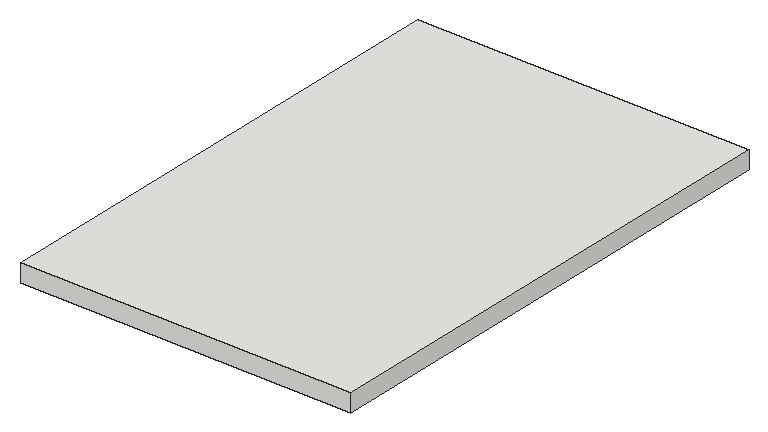
Revit family "SURVIVOR069xxWS840SAS0250x", category Leuchten, Revit 2024
Family settings
  Basisbauteil = Fläche
  Bemaßung runder Anschluss = Durchmesser verwenden
  Teiletyp = Normal
  OmniClass-Nummer = 23.80.70.11
  OmniClass-Titel = Luminaries for Internal Lighting
  Beim Laden mit Abzugskörper schneiden = Nein
  Lichtquelle = Ja
  Beschriftungsausrichtung beibehalten = Nein
  Gemeinsam genutzt = Nein
  Raumberechnungspunkt = Nein
Parameters (values of type "SURVIVOR069NDWS840SAS0250-RF")
  width = 240 mm  # constant formula
  weight = "6.2"
  voltage type (AC, DC, UC) = "AC"
  rated input power = 18
  product name = "SURVIVOR069NDWS840SAS0250-RF"
  nominal voltage = "230"
  nominal frequency = "50-60Hz"
  length = 690 mm  # constant formula
  ingress protection (IP) code = "IP65"
  height = 73 mm  # constant formula
  electrical safety class = "1"
  control gear = ""
  conformity mark = "CE"  # constant formula
  brand = "RIDI"
  approval mark = ""
  built-in parameter 1150104 = 13.8 (stored number, unit not read)
  Wattage = 14.8106 W
  Von Breite des Rechtecks ausssenden = 618 mm
  Von Länge des Rechtecks aussenden = 181 mm  # constant formula
  Default Elevation = 0 mm
  built-in parameter 1150113 = 1 (stored number, unit not read)
  built-in parameter 1114218 = 1 (stored number, unit not read)
  URL = "www.ridi.de"
  built-in parameter 1150134 = 12
  built-in parameter 1150109 = 1 (stored number, unit not read)
  built-in parameter 1150110 = 1 (stored number, unit not read)
  Apparent Load = 18 VA
  Tilt Angle = 90.00°
  Modell = "0622208//420"
  built-in parameter 1114217 = 1 (stored number, unit not read)
  built-in parameter 1150139 = (empty or 0)
  built-in parameter 1150105 = 175.07 (stored number, unit not read)
  built-in parameter 1150114 = 1 (stored number, unit not read)
  Lumens = 2200 lm
  built-in parameter 1150115 = 1 (stored number, unit not read)
  built-in parameter 1150112 = 1 (stored number, unit not read)
  Lampe = "LED"
  Hersteller = "RIDI Leuchten GmbH"  # constant formula
  Dimming Lamp Color Temperature Shift = (empty or 0)
  Color Filter = 16777215
  built-in parameter 1150133 = 10 (stored number, unit not read)
  Emit Shape Visible in Rendering = no
  built-in parameter 1150137 = (empty or 0)
  built-in parameter 1150132 = 2
  Datei für fotometrisches Netz = "SURVIVOR_SAS.IES"
  Copyright = "© RIDI. All rights reserved."  # constant formula
  built-in parameter 1150106 = 1.7507 (stored number, unit not read)
  Baugruppenkennzeichen = "D5020200"
  built-in parameter 1150107 = 4000 (stored number, unit not read)
  built-in parameter 1150102 = (empty or 0)
  built-in parameter 1150138 = (empty or 0)
Types (3, lengths in mm): name | rated input power | product name | Wattage | Apparent Load | Modell | built-in parameter 1150105 | Lumens | built-in parameter 1150106
  (no name) | 18 | "SURVIVOR069NDWS840SAS0250-RF" | 14.8106 W | 18 VA | "0622208//420" | 175.07 (stored number, unit not read) | 2200 lm | 1.7507 (stored number, unit not read)
  SURVIVOR069DAWS840SAS0250 | 19 | "SURVIVOR069DAWS840SAS0250" | 15.2146 W | 19 VA | "0632208" | 179.85 (stored number, unit not read) | 2260 lm | 1.7985 (stored number, unit not read)
  SURVIVOR069NDWS840SAS0250-RF | 18 | "SURVIVOR069NDWS840SAS0250-RF" | 14.8106 W | 18 VA | "0622208//420" | 175.07 (stored number, unit not read) | 2200 lm | 1.7507 (stored number, unit not read)
Reference planes
  plane 1 "Mitte (Vorne/hinten)": y = 0
  plane 2: z = 0
  plane 3 "Mitte (Links/rechts)": x = 0
  plane 4: z = 1200
Forms (mm)
  Extrusion 1, solid
    sketch origin (219.2, 280.8, 0) x (1, 0, 0) y (0, 1, 0)
      loop
        line (-1219.2, 1219.2) -> (-1219.2, -1780.8) -> (780.8, -1780.8) -> (780.8, 1219.2) -> (-1219.2, 1219.2)
    from 0 to -107.307
Dimensions and locks
  plane 4 to Extrusion 1 = 1200 mm
  aligned and locked: plane 2 to Extrusion 1
  aligned and locked: level to Extrusion 1
Connectors
  electrical at (53.526, -319.1, 2.275), driven by "Apparent Load"
    settings: on import instance, index 1, voltage 230 V, apparent load 0 VA, apparent load phase1 18 VA, apparent load phase2 0 VA, apparent load phase3 0 VA, power factor 1, load classification "Lighting", number of poles 1, system type 31, power factor state 1, is connector primary yes, connector utility no, sub classification motor no, connector description ""
